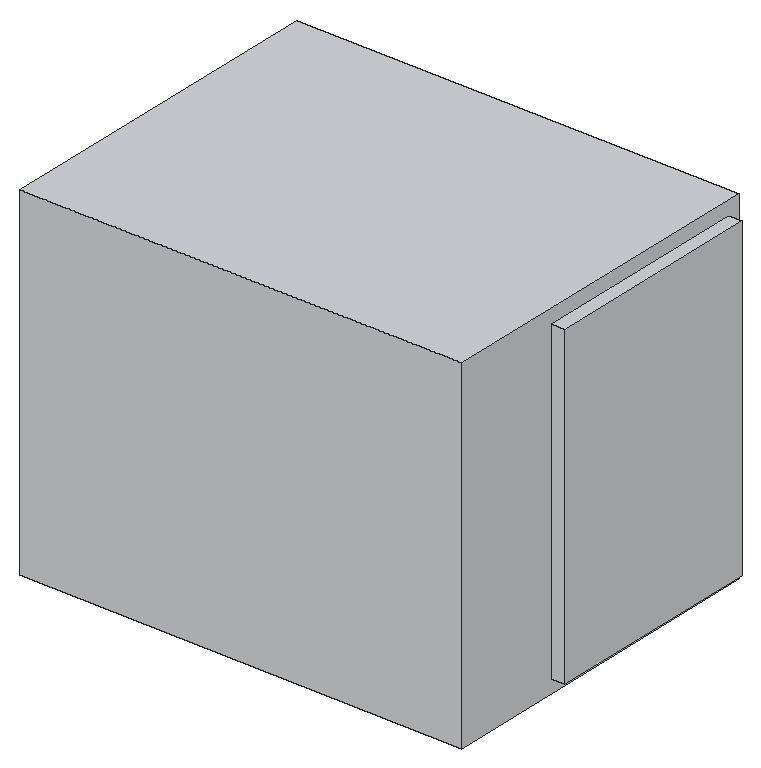
Revit family "59ea796fb6b4464da8f0fbb574ee6a00", category Mechanical Equipment, Revit 2021
Family settings
  Round Connector Dimension = Use Diameter
  Part Type = Normal
  OmniClass Number = 23.75.35.14
  OmniClass Title = Air Handling Units
  Seek Item ID = AHU Inspection Module - Large-0000-USA-ENU
  Work Plane-Based = No
  Always vertical = Yes
  Cut with Voids When Loaded = No
  Shared = No
  Room Calculation Point = No
Parameters (values of type "For 3 Square Feet of Coil")
  Module Material = none
  Inspection Width = 2' - 1"
  Inspection Length = 2' - 8"
  Inspection Height = 2' - 1"
  Duct Width = 32"
  Duct Height = 25"
  Door Width = 1' - 4"
  Default Elevation = 0' - 0"
  Air Flow [instance] = 1500 CFM
Types (17): name | Inspection Width | Inspection Length | Inspection Height | Duct Width | Duct Height | Door Width | Air Flow
  (no name) | 2' - 1" | 2' - 8" | 2' - 1" | 32" | 25" | 1' - 4" | 1500 CFM
  For 3 Square Feet of Coil | 2' - 1" | 2' - 8" | 2' - 1" | 32" | 25" | 1' - 4" | 1500 CFM
  For 6 Square Feet of Coil | 2' - 4" | 3' - 8" | 2' - 4" | 44" | 28" | 1' - 0" | 3000 CFM
  For 8 Square Feet of Coil | 2' - 8" | 4' - 0" | 2' - 8" | 48" | 32" | 1' - 0" | 4000 CFM
  For 10 Square Feet of Coil | 2' - 10" | 5' - 0" | 2' - 10" | 60" | 34" | 1' - 4" | 5000 CFM
  For 12 Square Feet of Coil | 2' - 10" | 5' - 4" | 3' - 2" | 64" | 38" | 1' - 0" | 6000 CFM
  For 14 Square Feet of Coil | 2' - 10" | 5' - 8" | 3' - 4" | 68" | 40" | 1' - 0" | 7000 CFM
  For 17 Square Feet of Coil | 2' - 10" | 6' - 2" | 3' - 8" | 74" | 44" | 1' - 0" | 8500 CFM
  For 21 Square Feet of Coil | 2' - 10" | 6' - 4" | 4' - 2" | 76" | 50" | 1' - 4" | 10500 CFM
  For 25 Square Feet of Coil | 3' - 4" | 6' - 6" | 4' - 8" | 78" | 56" | 1' - 4" | 12500 CFM
  For 30 Square Feet of Coil | 3' - 4" | 7' - 8" | 4' - 8" | 92" | 56" | 1' - 4" | 15000 CFM
  For 35 Square Feet of Coil | 4' - 0" | 8' - 0" | 5' - 2" | 96" | 62" | 1' - 4" | 17500 CFM
  For 40 Square Feet of Coil | 4' - 0" | 9' - 2" | 5' - 2" | 110" | 62" | 1' - 4" | 20000 CFM
  For 50 Square Feet of Coil | 4' - 0" | 10' - 0" | 6' - 2" | 120" | 74" | 1' - 4" | 25000 CFM
  For 66 Square Feet of Coil | 4' - 2" | 11' - 6" | 7' - 8" | 138" | 92" | 1' - 4" | 33000 CFM
  For 80 Square Feet of Coil | 4' - 6" | 11' - 6" | 9' - 2" | 138" | 110" | 1' - 4" | 40000 CFM
  For 100 Square Feet of Coil | 5' - 0" | 12' - 8" | 10' - 0" | 152" | 120" | 1' - 4" | 50000 CFM
Reference planes (in)
  plane 1 "Center (Front/Back)": y = 0
  plane 2: z = 0
  plane 3 "Center (Left/Right)": x = 0
  plane 4: x = 16
  plane 5: x = -16
  plane 6: y = 25
  plane 7: z = 25
  plane 8: x = -17
  plane 9: x = 17
  plane 10: z = 24
  plane 11: y = 24
  plane 12: z = 1
  plane 13: y = 8
Forms (in)
  Extrusion 1, solid, material <- "Module Material", detail levels medium+fine
    sketch origin (0, 0, 0) x (1, 0, 0) y (0, 1, 0)
      loop
        line (-16, 25) -> (-16, 0) -> (16, 0) -> (16, 25) -> (-16, 25)
    from 0 to 25
  Extrusion 2, solid, material <- "Module Material", detail levels medium+fine
    sketch origin (0, 0, 0) x (0, 1, 0) y (0, 0, 1)
      loop
        line (8, 24) -> (8, 1) -> (24, 1) -> (24, 24) -> (8, 24)
    from -17 to 17
  Extrusion 3, solid, material <- "Module Material", detail levels coarse
    sketch origin (0, 0, 0) x (1, 0, 0) y (0, 1, 0)
      loop
        line (-17, 25) -> (-17, 0) -> (17, 0) -> (17, 25) -> (-17, 25)
    from 0 to 25
Cuts and joins
  joined: Extrusion 1, Extrusion 2
Dimensions and locks (in)
  equal spacing: plane 5, plane 3 "Center (Left/Right)", plane 4
  "Inspection Length": plane 5 to plane 4
  "Inspection Width": plane 1 "Center (Front/Back)" to plane 6
  "Inspection Height": plane 7 to plane 2
  locked: plane 8 to plane 5 at 1
  locked: plane 4 to plane 9 at 1
  locked: plane 12 to plane 2 at 1
  locked: plane 7 to plane 10 at 1
  locked: plane 11 to plane 6 at 1
  "Door Width": plane 13 to plane 11
  aligned and locked: plane 5 to Extrusion 1 sketch curve
  aligned and locked: plane 6 to Extrusion 1 sketch curve
  aligned and locked: plane 1 "Center (Front/Back)" to Extrusion 1 sketch curve
  aligned and locked: Extrusion 1 sketch curve to plane 4
  aligned and locked: Extrusion 1 to plane 2
  aligned and locked: plane 7 to Extrusion 1
  aligned and locked: plane 13 to Extrusion 2 sketch curve
  aligned and locked: Extrusion 2 sketch curve to plane 10
  aligned and locked: plane 12 to Extrusion 2 sketch curve
  aligned and locked: plane 11 to Extrusion 2 sketch curve
  aligned and locked: plane 9 to Extrusion 2
  aligned and locked: plane 8 to Extrusion 2
  aligned and locked: plane 8 to Extrusion 3 sketch curve
  aligned and locked: plane 6 to Extrusion 3 sketch curve
  aligned and locked: plane 1 "Center (Front/Back)" to Extrusion 3 sketch curve
  aligned and locked: Extrusion 3 sketch curve to plane 9
  aligned and locked: Extrusion 3 to plane 2
  aligned and locked: plane 7 to Extrusion 3
Connectors (in)
  hvac at (0, 0, 12.5), driven by "Duct Height", driven by "Duct Width", driven by "Air Flow"
    settings: on Extrusion 1, index 1, duct flow 1500 CFM, flow factor 0, pres drop 0.00 in-wg, loss coef 0, conn angle 0.00°, conn width 32", conn height 25", conn diameter 24", duct sys type 1, conn prof type 1, flow config 0, flow direction 0, loss method 0, conn ref index 2, conn util no, is conn primary yes, conn desc ""
  hvac at (0, 25, 12.5), driven by "Duct Height", driven by "Duct Width", driven by "Air Flow"
    settings: on Extrusion 1, index 2, duct flow 1500 CFM, flow factor 0, pres drop 0.00 in-wg, loss coef 0, conn angle 0.00°, conn width 32", conn height 25", conn diameter 24", duct sys type 1, conn prof type 1, flow config 0, flow direction 0, loss method 0, conn ref index 1, conn util no, is conn primary no, conn desc ""
